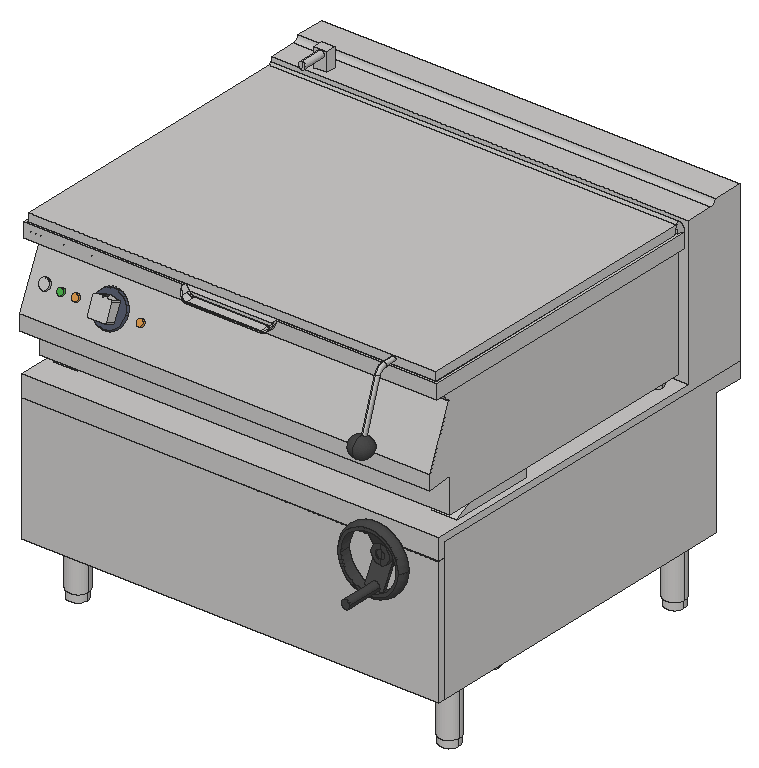
Revit family "QF_ZANUSSI_392140_Z9BRGJDPF0", category Specialty Equipment, Revit 2018
Family settings
  Round Connector Dimension = Use Diameter
  Part Type = Normal
  Work Plane-Based = No
  Always vertical = Yes
  Cut with Voids When Loaded = No
  Shared = No
  Room Calculation Point = No
Parameters
  Width = 1000 mm  # constant formula
  Weight in Pounds = 180  # constant formula
  Weight = 0.00 kg
  Watts = 250 VA  # 250 W
  Volts = 230 V  # constant formula
  URL Manufacturer = "http://www.zanussiprofessional.com"
  URL Cutsheet = "www.electrolux.com"
  URL = "http://www.zanussiprofessional.com"
  Type Mark [instance] = ""
  Steam Supply Size = 0"
  Steam Supply Minimum Pressure = 0.00 psi
  Steam Supply Maximum Pressure = 0.00 psi
  Steam Pounds per Hour = 0
  Status [instance] = ""
  Specification by User [instance] = ""
  Specification by Manufacturer = ""
  Show Logo [instance] = yes
  Show Clearance [instance] = yes
  Serial Number = ""
  Seismic Rating = ""
  SMACNA No = ""
  Revision Code [instance] = ""
  Refrigeration Suction Line Size = 0"
  Refrigeration Liquid Line Size = 0"
  Refrigerant Compressor Remote = yes
  Plumbing Remarks [instance] = ""
  Plumbing Connection Type [instance] = ""
  Phase = 1
  Omniclass Number and Title = ""
  Number of Poles [instance] = 1
  NAFEM Spec ID Number = ""
  Model = "Z9BRGJDPF0"
  Min Ckt Ampacity = 0 A
  Mechanical Remarks [instance] = ""
  Mechanical Connection Type [instance] = ""
  Max Overcurrent Protection = 0 A
  Masterspec = ""
  Manufacturer = "Zanussi"
  Length Actual = 1000 mm  # constant formula
  Item Number [instance] = "392140"
  Installed By [instance] = ""
  Identify Quantity as Lot [instance] = yes
  Hot Water Size = 0"
  Height Actual = 850 mm  # constant formula
  Height = 850 mm  # constant formula
  HP = "0.1 HP"
  Gas Size = 12.7 mm  # 1/2"
  Gas RI Height [instance] = 0 mm
  Gas KW = 27  # constant formula
  Gas Input = 26975.1 VA  # 92043.0 Btu/h
  Gas Connection Height [instance] = 0 mm
  Furnished By [instance] = ""
  Foodservice Equipment Identifier [instance] = yes
  FL Amps = if(Phase = 3, Watts / (Volts * 1.73), Watts / Volts)  # 1.08696 A
  Electrical Remarks [instance] = "230 V/1N ph/50/60 Hz"  # constant formula
  Electric Connection Type [instance] = ""
  Elec Conn RI Height [instance] = 0 mm
  Elec Conn Connection Height [instance] = 0 mm
  Direct Waste Size = 0"
  Description = "100LT GAS BRAISING PAN-DUOMAT BOTTOM"
  Depth Actual = 900 mm  # constant formula
  Depth = 915 mm  # constant formula
  Cycle [instance] = if([60 Hertz Option], 60 Hz, 50 Hz)  # 60 Hz
  Conn Plug = ""
  Conn Conduit = yes
  Condensate Return Size = 0"
  Compressed Air Volume = 0 GPM
  Compressed Air Size = 0"
  Compressed Air Pressure = 0.00 psi
  Cold Water Temperature Recommended [instance] = -459.67 °F
  Cold Water Size = 3/4"
  Cold Water RI Height [instance] = 0 mm
  Cold Water Minimum Pressure = 0.00 psi
  Cold Water Maximum Pressure = 0.00 psi
  Cold Water Flow [instance] = 0 GPM
  Cold Water Consumption = ""
  Cold Water Connection Height = 0 mm
  CSI MasterFormat = ""
  CSI Master Format = ""
  Assembly Code = ""
  Apparent Power = if(Phase = 3, Volts * FL Amps * 1.73, Volts * FL Amps)  # 250 VA
  Accessory = yes
  60 Hertz Option [instance] = not([50 Hertz Option])  # yes
  50 Hertz Option [instance] = no
Reference planes
  plane 1 "BACK": y = 0
  plane 2: z = 0
  plane 3 "LEFT": x = 0
  plane 4 "RIGHT": x = 1000
  plane 5 "FRONT": y = -915
  plane 6 "TOP": z = 898
  plane 7 "Center Y": x = 500
  plane 8 "Center X": y = -457.5
  plane 9 "Base": z = 149
  plane 10: z = 502.193
  plane 11: z = 1653
  plane 12: y = -125
  plane 13: y = -799
  plane 14: y = -1034
  plane 15: x = 55
  plane 16: y = -160.853
  plane 17: x = 945
  plane 18: y = -1014
  plane 19: y = -899.182
  plane 20: x = 986
  plane 21: z = 850
  plane 22 "Connection": z = 182
  plane 23: y = -706
  plane 24: x = 265
  plane 25: x = 105
  plane 26: x = 195
Forms (mm)
  Revolve 1, solid, material "QF_Finishes_Stainless Steel"
    sketch origin (0, -125, 0) x (1, 0, 0) y (0, 0, 1)
      loop
        line (55, 0) -> (55, 149) -> (29.6, 149) -> (29.6, 19.05) -> (32.1, 19.05) -> (32.1, 0) -> (55, 0)
      axis (55, 0) -> (55, 149)
    angle from 0 to 360
  Revolve 2, solid, material "QF_Finishes_Stainless Steel"
    sketch origin (0, -799, 0) x (1, 0, 0) y (0, 0, 1)
      loop
        line (55, 0) -> (55, 149) -> (29.6, 149) -> (29.6, 19.05) -> (32.1, 19.05) -> (32.1, 0) -> (55, 0)
      axis (55, 0) -> (55, 149)
    angle from 0 to 360
  Extrusion 3, solid, material "QF_Finishes_Stainless Steel"
    sketch origin (0, -214.682, 0) x (0, 1, 0) y (0, 0, 1)
      loop
        line (214.682, 487.193) -> (214.682, 866.248) -> (143.055, 866.248)
        arc (143.055, 866.248) -> (139.432, 857.502) -> (130.686, 853.88) r 12.368
        line (130.686, 853.88) -> (64.682, 853.88) -> (64.682, 502.193) -> (-684.5, 502.193) -> (-684.5, 452.193) -> (-669.5, 452.193) -> (-669.5, 487.193) -> (214.682, 487.193)
      loop
        line (-669.5, 149) -> (-669.5, 451.193) -> (-684.5, 451.193) -> (-684.5, 149) -> (-669.5, 149)
    from 0 to 1000
  Extrusion 4, solid, material "QF_Finishes_Stainless Steel"
    sketch origin (0, -214.682, 0) x (0, 1, 0) y (0, 0, 1)
      loop
        line (44.029, 528.406) -> (44.029, 817.127) -> (-678.5, 817.127) -> (-678.5, 809.681) -> (-643.264, 774.446) -> (-700.318, 641.094) -> (-700.318, 606.094) -> (-640.765, 613.406) -> (-640.765, 528.406) -> (44.029, 528.406)
    from 10 to 990
  Sweep 5, solid, material "QF_Finishes_Stainless Steel"
    path origin (0, -204.882, 145) x (-1, 0, 0) y (0, -1, 0)
      loop
        line (-389.998, 694.3) -> (-5, 694.3) -> (-5, -44.029) -> (-995, -44.029) -> (-995, 694.3) -> (-610.002, 694.3)
    profile origin (802.501, -899.182, 145) x (0, -1, 0) y (0, 0, 1)
      loop
        line (-5, 651.359) -> (0, 651.359) -> (0, 685.301) -> (-6, 685.301) -> (-6, 681.062) -> (-5, 681.062) -> (-5, 651.359)
  Extrusion 6, solid, material "QF_Finishes_Stainless Steel"
    sketch origin (0, -214.682, -5) x (0, 1, 0) y (0, 0, 1)
      loop
        line (33.715, 835.301) -> (42.572, 855) -> (-677.138, 855) -> (-677.138, 835.301) -> (33.715, 835.301)
      loop
        arc (64.305, 837.022) -> (57.071, 850.749) -> (45.92, 861.539) r 49.182
        line (45.92, 861.539) -> (39.069, 846.301) -> (45.904, 846.301) -> (45.904, 832.604) -> (64.305, 814.204) -> (64.305, 837.022)
    from 12.363 to 987.637
  Extrusion 7, solid, material "QF_Finishes_Stainless Steel"
    sketch origin (0, -214.682, 0) x (0, 1, 0) y (0, 0, 1)
      loop
        line (-403.818, 528.406) -> (-556.057, 528.406) -> (-609.801, 502.193) -> (-403.818, 502.193) -> (-403.818, 528.406)
    from 16.63 to 76.513
  Extrusion 8, solid, material "QF_Finishes_Stainless Steel"
    sketch origin (0, -207.182, 150) x (-1, 0, 0) y (0, -1, 0)
      loop
        circle (-953.429, -17.496) r 15
      loop
        circle (-46.571, -17.496) r 15
    from 352.193 to 378.406
  Extrusion 9, solid, material "QF_Finishes_Stainless Steel"
    sketch origin (0, -64.682, 0) x (0, 1, 0) y (0, 0, 1)
      loop
        line (-43.387, 853.88) -> (-43.387, 898) -> (-67.444, 898) -> (-67.444, 853.88) -> (-43.387, 853.88)
    from 87.469 to 116.843
  Revolve 10, solid, material "QF_Finishes_Stainless Steel"
    sketch origin (103.25, -64.682, 0) x (0, 1, 0) y (0, 0, 1)
      loop
        line (-67.444, 888.097) -> (-67.444, 896.222) -> (-123.629, 896.222) -> (-123.629, 888.097) -> (-67.444, 888.097)
      axis (-123.629, 888.097) -> (-67.444, 888.097)
    angle from 0 to 360
  Extrusion 11, solid, material "QF_Clearances", visible <- "Show Clearance", detail levels coarse
    sketch origin (0, -214.682, 0) x (1, 0, 0) y (0, 1, 0)
      loop
        line (1000, 214.682) -> (1000, -700.318) -> (1050, -700.318) -> (1050, 264.682) -> (-50, 264.682) -> (-50, -700.318) -> (0, -700.318) -> (0, 214.682) -> (1000, 214.682)
    from 0 to 898
  Extrusion 12, solid, material "QF_Finishes_Stainless Steel"
    sketch origin (1000, 0, 0) x (0, 1, 0) y (0, 0, 1)
      loop
        line (-884.182, 149) -> (-69, 149) -> (-69, 448) -> (0, 448) -> (0, 487.193) -> (-884.182, 487.193) -> (-884.182, 149)
    from 0 to -1000
  Revolve 13, solid, material "QF_Finishes_Stainless Steel"
    sketch origin (1000, -125, 0) x (-1, 0, 0) y (0, 0, -1)
      loop
        line (55, 0) -> (32.1, 0) -> (32.1, -19.05) -> (29.6, -19.05) -> (29.6, -149) -> (55, -149) -> (55, 0)
      axis (55, 0) -> (55, -149)
    angle from 0 to 360
  Revolve 14, solid, material "QF_Finishes_Stainless Steel"
    sketch origin (1000, -799, 0) x (-1, 0, 0) y (0, 0, -1)
      loop
        line (55, 0) -> (32.1, 0) -> (32.1, -19.05) -> (29.6, -19.05) -> (29.6, -149) -> (55, -149) -> (55, 0)
      axis (55, 0) -> (55, -149)
    angle from 0 to 360
  Extrusion 15, solid, material "QF_Finishes_Stainless Steel"
    sketch origin (1000, -69, 149) x (-1, 0, 0) y (0, 1, 0)
      loop
        circle (14, -649.182) r 12.7
    from 0 to 5
  Extrusion 16, solid, material "QF_Finishes_Stainless Steel"
    sketch origin (-3.75, -899.182, 149) x (0, 0, 1) y (-1, 0, 0)
      loop
        circle (289.443, -888.75) r 30
    from 0 to 5
  Extrusion 17, solid, material "QF_Finishes_Stainless Steel"
    sketch origin (0, 0, 182) x (-1, 0, 0) y (0, -1, 0)
      loop
        circle (-105, 706) r 6.35
    from 0 to 45
  Extrusion 18, solid, material "QF_Finishes_Stainless Steel"
    sketch origin (21.213, 21.213, 182) x (-1, 0, 0) y (0, -1, 0)
      loop
        circle (-173.787, 719.213) r 6.35
    from 0 to 45
  Extrusion 19, solid, material "QF_Finishes_Stainless Steel"
    sketch origin (130, 0, 182) x (-1, 0, 0) y (0, -1, 0)
      loop
        circle (-135, 706) r 6.35
    from 0 to 45
  Sweep 20, solid, material "QF_Finishes_Black"
    path origin (10, -200.682, -28.57) x (1, 0, 0) y (0, 0, 1)
      loop
        circle (875, 467.193) r 80
    profile origin (885, -200.682, 518.623) x (0, 0, -1) y (0, -1, 0)
      loop
        arc (7.394, 765.784) -> (0.586, 756.102) -> (1.641, 744.313) r 17.21
        line (1.641, 744.313) -> (7.394, 740.784) -> (14.116, 740.784) -> (14.116, 765.784) -> (7.394, 765.784)
  Extrusion 21, solid, material "QF_Finishes_Black"
    sketch origin (10, -200.682, -28.57) x (1, 0, 0) y (0, 0, 1)
      loop
        circle (875, 406.31) r 10
    from 742.86 to 833.318
  Extrusion 22, solid, material "QF_Finishes_Orange"
    sketch origin (9.372, -901.482, 672.689) x (0, 0.393353, 0.919387) y (-1, 0, 0)
      loop
        circle (34.513, -113.251) r 8
    from 0 to 3.175
  Extrusion 23, solid, material "QF_Finishes_Green"
    sketch origin (14.068, -901.51, 672.624) x (0, 0.393353, 0.919387) y (-1, 0, 0)
      loop
        circle (34.513, -73.251) r 8
    from 0 to 3.175
  Extrusion 24, solid, material "QF_Finishes_Stainless Steel"
    sketch origin (-189.063, -915, 641.094) x (0, 0.393353, 0.919387) y (-1, 0, 0)
      loop
        circle (71.473, -236.635) r 12.7
    from 0 to 3.2
  Extrusion 25, solid, material "QF_Finishes_Orange"
    sketch origin (164.372, -901.482, 672.689) x (0, 0.393353, 0.919387) y (-1, 0, 0)
      loop
        circle (34.513, -113.251) r 8
    from 0 to 3.175
  Extrusion 26, solid, material "QF_Finishes_Stainless Steel"
    sketch origin (50, -201.682, -15.905) x (1, 0, 0) y (0, 0, 1)
      loop
        line (361.528, 822.127) -> (538.476, 822.127)
        arc (538.476, 822.127) -> (548.276, 824.753) -> (555.45, 831.927) r 19.6
        line (555.45, 831.927) -> (559.998, 839.805) -> (559.998, 846.205) -> (552.678, 833.527)
        arc (552.678, 833.527) -> (546.676, 827.524) -> (538.476, 825.327) r 16.4
        line (538.476, 825.327) -> (361.528, 825.327)
        arc (361.528, 825.327) -> (353.322, 827.526) -> (347.314, 833.534) r 16.413
        line (347.314, 833.534) -> (339.998, 846.205) -> (339.998, 839.805) -> (344.543, 831.934)
        arc (344.543, 831.934) -> (351.722, 824.755) -> (361.528, 822.127) r 19.613
    from 697.5 to 717.595
  Extrusion 27, void
    sketch origin (950, 188.397, 1219.2) x (0, -1, 0) y (0, 0, 1)
      loop
        line (1110.167, -415.736) -> (1110.167, -387.945) -> (1093.05, -387.945) -> (1110.167, -415.736)
    from 290.004 to 610
  Extrusion 28, solid, material "QF_Finishes_Stainless Steel"
    sketch origin (1000, -214.682, 0) x (0, 1, 0) y (0, 0, -1)
      loop
        line (-403.818, -528.406) -> (-403.818, -502.193) -> (-609.801, -502.193) -> (-556.057, -528.406) -> (-403.818, -528.406)
    from 16.63 to 76.513
  Sweep 29, solid, material "QF_Finishes_Stainless Steel"
    path origin (208.879, -214.682, -10) x (0, 1, 0) y (0, 0, 1)
      loop
        line (-677.138, 852.831) -> (-705.492, 852.831)
        arc (-705.492, 852.831) -> (-716.963, 849.214) -> (-724.286, 839.672) r 20
        line (-724.286, 839.672) -> (-765.322, 726.924)
    profile origin (208.879, -905.997, 842.831) x (0, 0, -1) y (1, 0, 0)
      loop
        circle (0, 676.16) r 5
  Revolve 30, solid, material "QF_Finishes_Black"
    sketch origin (883.789, -200.682, -28.57) x (0, 1, 0) y (0, 0, 1)
      loop
        line (-698.5, 467.193) -> (-698.5, 477.193) -> (-713.5, 477.193) -> (-713.5, 482.193) -> (-718.5, 482.193) -> (-718.5, 489.514) -> (-728.5, 489.514) -> (-728.5, 478.353) -> (-727.138, 478.353) -> (-727.138, 467.193) -> (-698.5, 467.193)
      axis (-698.5, 467.193) -> (-728.5, 467.193)
    angle from 0 to 360
  Extrusion 31, solid, material "QF_Finishes_Black"
    sketch origin (208.789, -200.682, -28.57) x (0, 1, 0) y (0, 0, 1)
      loop
        line (-713.5, 457.193) -> (-713.5, 477.193) -> (-744.313, 533.065) -> (-751.622, 533.065) -> (-719.104, 474.103) -> (-719.104, 460.284) -> (-751.622, 401.321) -> (-744.313, 401.321) -> (-713.5, 457.193)
    from 654.029 to 698.392
  Revolve 32, solid, material "QF_Finishes_Black"
    sketch origin (884.991, -194.682, 0) x (0, 1, 0) y (0, 0, 1)
      loop
        line (-785.322, 716.924) -> (-792.738, 719.623)
        arc (-792.738, 719.623) -> (-818.978, 701.075) -> (-800.713, 674.638) r 22.845
        line (-800.713, 674.638) -> (-785.322, 716.924)
      axis (-785.322, 716.924) -> (-800.713, 674.638)
    angle from 0 to 360
  Extrusion 33, solid, material "QF_Clearances", visible <- "Show Clearance", detail levels coarse
    sketch origin (200, -996.643, 709.193) x (0, 0.238373, -0.971174) y (0, 0.971174, 0.238373)
      loop
        line (33.715, 835.301) -> (42.572, 855) -> (-677.138, 855) -> (-677.138, 835.301) -> (33.715, 835.301)
      loop
        arc (64.305, 837.022) -> (57.071, 850.749) -> (45.92, 861.539) r 49.182
        line (45.92, 861.539) -> (39.069, 846.301) -> (45.904, 846.301) -> (45.904, 832.604) -> (64.305, 814.204) -> (64.305, 837.022)
    from -187.637 to 787.637
  Sweep 34, solid, material "QF_Clearances", visible <- "Show Clearance", detail levels coarse
    path origin (208.84, -1001.499, 708.002) x (0, 0.238373, -0.971174) y (0, 0.971174, 0.238373)
      loop
        line (-677.138, 852.831) -> (-705.492, 852.831)
        arc (-705.492, 852.831) -> (-716.963, 849.214) -> (-724.286, 839.672) r 20
        line (-724.286, 839.672) -> (-765.322, 726.924)
    profile origin (208.84, -338.043, 1582.68) x (0, -0.971174, -0.238373) y (1, 0, 0)
      loop
        circle (0, 676.16) r 5
  Revolve 35, solid, material "QF_Clearances", visible <- "Show Clearance", detail levels coarse
    sketch origin (885, -987.02, 690.962) x (0, 0.238373, -0.971174) y (0, 0.971174, 0.238373)
      loop
        line (-785.322, 716.924) -> (-792.738, 719.623)
        arc (-792.738, 719.623) -> (-818.978, 701.075) -> (-800.713, 674.638) r 22.845
        line (-800.713, 674.638) -> (-785.322, 716.924)
      axis (-785.322, 716.924) -> (-800.713, 674.638)
    angle from 0 to 360
  Extrusion 36, solid, material "QF_Finishes_Stainless Steel"
    sketch origin (390.002, -899.182, 830.301) x (-1, 0, 0) y (0, 0, -1)
      loop
        line (0.004, 33.941) -> (-220, 33.941) -> (-220, -0.006) -> (-212.677, 12.678)
        arc (-212.677, 12.678) -> (-206.674, 18.681) -> (-198.474, 20.878) r 16.4
        line (-198.474, 20.878) -> (-21.526, 20.878)
        arc (-21.526, 20.878) -> (-13.32, 18.679) -> (-7.312, 12.672) r 16.413
        line (-7.312, 12.672) -> (0.004, 0) -> (0.004, 33.941)
    from 0 to -6
  Extrusion 37, solid, material "QF_Plastic-Black-Matte"
    sketch origin (145.417, -886.473, 707.77) x (0, 0.393353, 0.919387) y (0, 0.919387, -0.393353)
      loop
        line (26.984, -34) -> (23.984, -34) -> (23.984, -35) -> (26.984, -35)
        arc (26.984, -35) -> (27.691, -34.707) -> (27.984, -34) r 1
        line (27.984, -34) -> (27.984, -19) -> (26.984, -19) -> (26.984, -34)
    from -58.5 to -56.5
  Extrusion 38, solid, material "QF_Finishes_Stainless Steel"
    sketch origin (202.917, -886.473, 707.77) x (-1, 0, 0) y (0, -0.393353, -0.919387)
      loop
        line (17.5, -17.5) -> (17.5, 17.5) -> (-17.5, 17.5) -> (-17.5, -17.5) -> (17.5, -17.5)
    from 5 to 10
  Extrusion 39, solid, material "QF_Finishes_Stainless Steel"
    sketch origin (202.917, -886.473, 707.77) x (-1, 0, 0) y (0, -0.393353, -0.919387)
      loop
        arc (-21.147, -22.789) -> (0, -26.984) -> (21.147, -22.789) r 55.4
        arc (21.147, -22.789) -> (22.494, -21.685) -> (23, -20.019) r 2.997
        line (23, -20.019) -> (23, 20.019)
        arc (23, 20.019) -> (22.122, 22.138) -> (20.003, 23.016) r 2.997
        line (20.003, 23.016) -> (-20.003, 23.016)
        arc (-20.003, 23.016) -> (-22.122, 22.138) -> (-23, 20.019) r 2.997
        line (-23, 20.019) -> (-23, -20.019)
        arc (-23, -20.019) -> (-22.494, -21.685) -> (-21.147, -22.789) r 2.997
    from 10 to 34
  Blend 40, solid, material "QF_Finishes_Navy Blue"
    base sketch origin (202.917, -886.473, 707.77) x (1, 0, 0) y (0, 0.393353, 0.919387)
      loop
        circle (0, 0) r 42.5
    top sketch origin (202.917, -886.473, 707.77) x (1, 0, 0) y (0, 0.393353, 0.919387)
      loop
        circle (0, 0) r 40.5
    from 0 to 5
Cuts and joins
  Extrusion 27 cuts Extrusion 26
  joined: Sweep 5, Extrusion 26, Extrusion 36
Lines and regions (mm)
  Split face 1
    outline origin (202.917, -891.07, 709.737) x (1, 0, 0) y (0, 0.393353, 0.919387)
      loop
        arc (-0.521, 36.501) -> (-26.491, 26.394) -> (-37.708, 0.884) r 36.411
        line (-37.708, 0.884) -> (-31.708, 0.884)
        arc (-31.708, 0.884) -> (-21.998, 23.844) -> (-0.521, 36.501) r 39.733
  Split face 2
    outline origin (202.917, -891.07, 709.737) x (1, 0, 0) y (0, 0.393353, 0.919387)
      loop
        circle (-30.633, -14.752) r 1.5
  Split face 3
    outline origin (202.917, -891.07, 709.737) x (1, 0, 0) y (0, 0.393353, 0.919387)
      loop
        circle (-21.199, -26.582) r 1.5
  Split face 4
    outline origin (202.917, -891.07, 709.737) x (1, 0, 0) y (0, 0.393353, 0.919387)
      loop
        circle (-7.566, -33.148) r 1.5
  Split face 5
    outline origin (202.917, -891.07, 709.737) x (1, 0, 0) y (0, 0.393353, 0.919387)
      loop
        circle (7.566, -33.148) r 1.5
  Split face 6
    outline origin (202.917, -891.07, 709.737) x (1, 0, 0) y (0, 0.393353, 0.919387)
      loop
        circle (21.199, -26.582) r 1.5
  Split face 7
    outline origin (202.917, -891.07, 709.737) x (1, 0, 0) y (0, 0.393353, 0.919387)
      loop
        circle (30.633, -14.752) r 1.5
  Split face 8
    outline origin (202.917, -891.07, 709.737) x (1, 0, 0) y (0, 0.393353, 0.919387)
      loop
        circle (34, 0) r 1.5
  Split face 9
    outline origin (202.917, -891.07, 709.737) x (1, 0, 0) y (0, -0.393353, -0.919387)
      loop
        circle (30.633, -14.752) r 1.5
  Split face 10
    outline origin (202.917, -891.07, 709.737) x (1, 0, 0) y (0, -0.393353, -0.919387)
      loop
        circle (21.199, -26.582) r 1.5
  symbolic lines
    curve 1: line (10, -915, 149) -> (180, -915, 149)
    curve 2: line (0, -899.182, 149) -> (380.622, -899.182, 149)
    curve 3: line (5, -160.853, 149) -> (5, -899.182, 149)
    curve 4: line (0, 0, 149) -> (0, -899.182, 149)
    curve 5: line (1000, -899.182, 149) -> (1000, 0, 149)
    curve 6: line (5, -160.853, 149) -> (95.125, -160.853, 149)
    curve 7: line (989, -171.653, 149) -> (111.375, -171.653, 149)
    curve 8: line (0, -71.628, 149) -> (1000, -71.628, 149)
    curve 9: line (111.375, -160.853, 149) -> (995, -160.853, 149)
    curve 10: line (95.125, -172.111, 149) -> (12.363, -172.111, 149)
    curve 11: line (90.942, -172.111, 149) -> (90.942, -192.672, 149)
    curve 12: line (117.192, -171.653, 149) -> (117.192, -192.672, 149)
    curve 13: arc (90.942, -192.672, 149) -> (104.067, -205.797, 149) -> (117.192, -192.672, 149) r 13.125
    curve 14: line (604.543, -915, 149) -> (880, -915, 149)
    curve 15: line (12.363, -891.82, 149) -> (987.637, -891.82, 149)
    curve 16: line (0, 0, 149) -> (1000, 0, 149)
    curve 20: line (880, -980.005, 149) -> (880, -891.82, 149)
    curve 21: line (890, -980.005, 149) -> (890, -891.82, 149)
    curve 22: spline (885, -987.42, 149) -> (886.603, -987.265, 149) -> (888.14, -986.808, 149) -> (889.545, -986.066, 149) -> (890.761, -985.072, 149) -> (891.737, -983.866, 149) -> (892.431, -982.499, 149) -> (892.815, -981.028, 149) -> (892.874, -979.515, 149) -> (892.604, -978.022, 149) -> (892.016, -976.611, 149) -> (891.136, -975.342, 149) -> (890, -974.268, 149)
    curve 23: spline (890, -980.005, 149) -> (889.957, -980.618, 149) -> (889.83, -981.221, 149) -> (889.619, -981.803, 149) -> (889.33, -982.354, 149) -> (888.967, -982.865, 149) -> (888.536, -983.327, 149) -> (888.044, -983.732, 149) -> (887.5, -984.074, 149) -> (886.913, -984.345, 149) -> (886.294, -984.543, 149) -> (885.653, -984.663, 149) -> (885, -984.703, 149)
    curve 24: spline (885, -984.703, 149) -> (884.347, -984.663, 149) -> (883.706, -984.543, 149) -> (883.087, -984.345, 149) -> (882.5, -984.074, 149) -> (881.956, -983.732, 149) -> (881.464, -983.327, 149) -> (881.033, -982.865, 149) -> (880.67, -982.354, 149) -> (880.381, -981.803, 149) -> (880.17, -981.221, 149) -> (880.043, -980.618, 149) -> (880, -980.005, 149)
    curve 25: spline (880, -974.268, 149) -> (878.864, -975.342, 149) -> (877.984, -976.611, 149) -> (877.396, -978.022, 149) -> (877.126, -979.515, 149) -> (877.185, -981.028, 149) -> (877.569, -982.499, 149) -> (878.263, -983.866, 149) -> (879.239, -985.072, 149) -> (880.455, -986.066, 149) -> (881.86, -986.808, 149) -> (883.397, -987.265, 149) -> (885, -987.42, 149)
    curve 26: line (95.125, -188.311, 149) -> (111.375, -188.311, 149)
    curve 27: line (95.125, -132.127, 149) -> (95.125, -188.311, 149)
    curve 28: line (111.375, -188.311, 149) -> (111.375, -132.127, 149)
    curve 29: line (87.469, -132.127, 149) -> (116.843, -132.127, 149)
    curve 30: line (87.469, -108.069, 149) -> (87.469, -132.127, 149)
    curve 31: line (116.843, -108.069, 149) -> (87.469, -108.069, 149)
    curve 32: line (116.843, -132.127, 149) -> (116.843, -108.069, 149)
    curve 33: line (0, -150, 182) -> (95.125, -150, 182)
    curve 34: line (1000, -150, 182) -> (111.375, -150, 182)
    curve 35: line (12.363, -891.82, 149) -> (12.363, -172.111, 149)
    curve 36: line (987.637, -891.82, 149) -> (987.637, -171.653, 149)
    curve 37: line (990, -915, 182) -> (990, -899.182, 182)
    curve 38: line (10, -899.182, 182) -> (10, -915, 182)
    curve 39: line (995, -160.853, 149) -> (995, -899.182, 149)
    curve 40: line (179.887, -915.021, 149) -> (25.774, -915.021, 149)
    curve 41: line (225.917, -915, 149) -> (395.45, -915, 149)
    curve 42: line (619.371, -899.182, 149) -> (880, -899.182, 149)
    curve 43: line (890, -899.182, 149) -> (1000, -899.182, 149)
    curve 44: line (890, -915, 149) -> (990, -915, 149)
    curve 45: line (895, -1034, 182) -> (895, -1012.058, 182)
    curve 46: line (875, -1034, 182) -> (875, -1012.092, 182)
    curve 47: line (875, -1034, 182) -> (895, -1034, 182)
    curve 48: line (957.606, -966.466, 182) -> (901.189, -966.466, 182)
    curve 49: line (812.394, -941.466, 182) -> (880, -941.466, 182)
    curve 50: line (806.641, -944.996, 182) -> (880, -944.996, 182)
    curve 51: arc (963.359, -944.996, 182) -> (964.431, -956.789, 182) -> (957.606, -966.466, 182) r 17.151
    curve 52: line (957.606, -941.466, 182) -> (963.359, -944.996, 182)
    curve 53: line (908.392, -915, 182) -> (908.392, -941.466, 182)
    curve 54: line (864.029, -941.466, 182) -> (864.029, -915, 182)
    curve 55: arc (806.641, -944.996, 182) -> (805.569, -956.789, 182) -> (812.394, -966.466, 182) r 17.151
    curve 56: line (812.394, -941.466, 182) -> (806.641, -944.996, 182)
    curve 57: line (890, -944.996, 182) -> (963.359, -944.996, 182)
    curve 58: line (890, -941.466, 182) -> (957.606, -941.466, 182)
    curve 59: line (812.394, -966.466, 182) -> (868.726, -966.466, 182)
    curve 60: arc (880, -961.394, 182) -> (884.914, -1014.03, 182) -> (890, -961.41, 182) r 26.552
    curve 61: line (619.371, -899.182, 182) -> (605.448, -914.035, 182)
    curve 62: spline (605.442, -914.033, 182) -> (604.902, -914.595, 182) -> (604.301, -915.14, 182) -> (603.641, -915.666, 182) -> (602.924, -916.17, 182) -> (602.153, -916.653, 182) -> (601.331, -917.111, 182) -> (600.459, -917.544, 182) -> (599.542, -917.95, 182) -> (598.582, -918.327, 182) -> (597.581, -918.675, 182) -> (596.544, -918.992, 182) -> (595.475, -919.277, 182)
    curve 63: line (404.523, -919.277, 182) -> (595.475, -919.277, 182)
    curve 64: line (394.541, -914.031, 182) -> (380.622, -899.182, 182)
    curve 65: spline (404.523, -919.277, 182) -> (403.452, -918.992, 182) -> (402.414, -918.675, 182) -> (401.413, -918.327, 182) -> (400.452, -917.949, 182) -> (399.534, -917.543, 182) -> (398.662, -917.11, 182) -> (397.838, -916.651, 182) -> (397.067, -916.168, 182) -> (396.35, -915.663, 182) -> (395.689, -915.137, 182) -> (395.087, -914.592, 182) -> (394.547, -914.029, 182)
    curve 66: line (179.917, -899.196, 0) -> (179.917, -925.453, 0)
    curve 67: arc (179.917, -925.453, 0) -> (180.063, -925.917, 0) -> (180.449, -926.213, 0) r 0.809
    curve 68: arc (180.449, -926.213, 0) -> (181.637, -926.693, 0) -> (182.915, -926.786, 0) r 4.127
    curve 69: arc (179.917, -910.086, 0) -> (180.419, -909.365, 0) -> (181.217, -908.995, 0) r 1.682
    curve 70: arc (181.217, -908.995, 0) -> (191.519, -907.497, 0) -> (201.917, -906.988, 0) r 109.079
    curve 71: line (201.917, -899.182, 0) -> (201.917, -909.218, 0)
    curve 72: line (201.917, -909.218, 0) -> (203.917, -909.218, 0)
    curve 73: line (203.917, -909.218, 0) -> (203.917, -899.218, 0)
    curve 74: line (225.917, -899.182, 0) -> (225.917, -925.453, 0)
    curve 75: arc (225.917, -925.453, 0) -> (225.771, -925.917, 0) -> (225.385, -926.213, 0) r 0.809
    curve 76: arc (225.385, -926.213, 0) -> (224.197, -926.693, 0) -> (222.92, -926.786, 0) r 4.127
    curve 77: arc (225.917, -910.086, 0) -> (225.415, -909.365, 0) -> (224.618, -908.995, 0) r 1.682
    curve 78: arc (224.618, -908.995, 0) -> (214.315, -907.497, 0) -> (203.917, -906.988, 0) r 109.079
    curve 79: line (182.915, -926.786, 0) -> (222.92, -926.786, 0)
    curve 80: spline (225.917, -904.183, 0) -> (227.104, -903.848, 0) -> (228.259, -903.497, 0) -> (229.381, -903.13, 0) -> (230.469, -902.747, 0) -> (231.521, -902.348, 0) -> (232.535, -901.936, 0) -> (233.512, -901.509, 0) -> (234.448, -901.068, 0) -> (235.344, -900.615, 0) -> (236.197, -900.149, 0) -> (237.007, -899.671, 0) -> (237.773, -899.182, 0)
    curve 81: spline (168.061, -899.182, 0) -> (168.827, -899.671, 0) -> (169.637, -900.149, 0) -> (170.491, -900.615, 0) -> (171.386, -901.068, 0) -> (172.323, -901.509, 0) -> (173.299, -901.936, 0) -> (174.314, -902.348, 0) -> (175.366, -902.747, 0) -> (176.453, -903.13, 0) -> (177.576, -903.497, 0) -> (178.731, -903.848, 0) -> (179.917, -904.183, 0)
  symbolic lines, style "QF_Clearances", visible <- "Show Clearance", detail levels coarse
    curve 17: line (-50, 50, 150) -> (-50, -918.182, 150)
    curve 18: line (1050, 50, 150) -> (1050, -915, 150)
    curve 19: line (1050, 50, 150) -> (-50, 50, 150)
Dimensions and locks
  equal spacing: plane 3 "LEFT", plane 7 "Center Y", plane 4 "RIGHT"
  "Width": plane 3 "LEFT" to plane 4 "RIGHT"
  equal spacing: plane 5 "FRONT", plane 8 "Center X", plane 1 "BACK"
  "Depth": plane 5 "FRONT" to plane 1 "BACK"
  "Height": plane 21 to level
  plane 9 "Base" to level = 149 mm
  plane 11 to level = 1653 mm
  plane 11 to plane 2 = 1653 mm
  plane 9 "Base" to plane 2 = 149 mm
  plane 13 to plane 12 = 674 mm
  plane 5 "FRONT" to plane 1 "BACK" = 915 mm
  plane 1 "BACK" to plane 14 = 1034 mm  (x2)
  plane 6 "TOP" to plane 2 = 898 mm
  plane 14 to plane 1 "BACK" = 1034 mm
  plane 4 "RIGHT" to plane 17 to plane 15 to plane 3 "LEFT" = 55 mm, 890 mm, 55 mm
  plane 1 "BACK" to plane 18 = 1014 mm
  Extrusion 12 to plane 1 "BACK" = 69 mm
  Extrusion 6 to plane 9 "Base" = 701 mm
  plane 2 to Extrusion 12 = 448 mm
  Extrusion 3 to plane 13 = 100.182 mm
  plane 12 to Extrusion 12 = 56 mm
  plane 4 "RIGHT" to plane 20 = 14 mm
  plane 21 to plane 9 "Base" to level = 701 mm, 149 mm
  plane 1 "BACK" to Extrusion 12 = 69 mm
  Extrusion 12 to plane 12 = 56 mm
  plane 12 to plane 13 = 674 mm
  plane 13 to Extrusion 3 = 100.182 mm
  Extrusion 12 to level = 448 mm
  plane 6 "TOP" to level = 898 mm
  plane 22 "Connection" to level = 182 mm
  plane 1 "BACK" to plane 23 = 706 mm
  plane 3 "LEFT" to Extrusion 17 sketch curve = 105 mm
  Extrusion 18 sketch curve to plane 1 "BACK" = 698 mm
  plane 3 "LEFT" to Extrusion 18 sketch curve = 195 mm
  Extrusion 18 to plane 1 "BACK" = 698 mm
  plane 3 "LEFT" to Extrusion 19 sketch curve = 265 mm
  plane 3 "LEFT" to plane 25 = 105 mm
  plane 3 "LEFT" to plane 26 = 195 mm
  plane 3 "LEFT" to plane 24 = 265 mm
  Extrusion 3 to Extrusion 15 = 181 mm
  Extrusion 15 to Extrusion 3 = 181 mm
  aligned and locked: level to plane 2
  aligned and locked: Extrusion 12 to plane 3 "LEFT"
Automatic sketch dimensions
  Revolve 1 sketch curve to plane 9 "Base" = 0 mm  (x2)
  Revolve 1 sketch curve to level = 0 mm
  Revolve 1 sketch curve to plane 15 = 0 mm  (x2)
  Revolve 1 sketch curve to Revolve 1 sketch curve = 22.9 mm
  Revolve 1 sketch curve to Revolve 1 sketch curve = 2.5 mm
  level to Revolve 1 sketch curve = 19.05 mm
  Revolve 1 sketch curve to plane 22 "Connection" = 13 mm
  Revolve 2 sketch curve to plane 9 "Base" = 0 mm  (x2)
  Revolve 2 sketch curve to level = 0 mm
  Revolve 2 sketch curve to plane 15 = 0 mm  (x2)
  Revolve 2 sketch curve to Revolve 2 sketch curve = 22.9 mm
  Revolve 2 sketch curve to Revolve 2 sketch curve = 2.5 mm
  level to Revolve 2 sketch curve = 19.05 mm
  Revolve 2 sketch curve to plane 22 "Connection" = 13 mm
  Extrusion 7 sketch curve to plane 10 = 0 mm
  Extrusion 7 sketch curve to plane 13 = 25.484 mm
  plane 13 to Extrusion 7 sketch curve = 28.261 mm
  plane 23 to Extrusion 7 sketch curve = 87.5 mm
  plane 10 to Extrusion 7 sketch curve = 26.213 mm
  Extrusion 8 sketch curve to plane 17 = 8.429 mm
  Extrusion 8 sketch curve to plane 15 = 8.429 mm
  Extrusion 8 sketch curve to plane 12 = 64.686 mm  (x2)
  Extrusion 9 sketch curve to plane 6 "TOP" = 0 mm
  Extrusion 9 sketch curve to plane 12 = 7.127 mm
  plane 12 to Extrusion 9 sketch curve = 16.931 mm
  plane 21 to Extrusion 9 sketch curve = 3.88 mm
  Revolve 10 sketch curve to plane 6 "TOP" = 9.903 mm
  Revolve 10 sketch curve to plane 12 = 63.311 mm
  Revolve 10 sketch curve to plane 12 = 7.127 mm
  Revolve 10 sketch curve to Revolve 10 sketch curve = 0 mm  (x2)
  plane 12 to Revolve 10 sketch curve = 1.394 mm
  Revolve 10 sketch curve to plane 6 "TOP" = 1.778 mm
  Revolve 13 sketch curve to plane 9 "Base" = 0 mm  (x2)
  Revolve 13 sketch curve to level = 0 mm
  plane 17 to Revolve 13 sketch curve = 0 mm  (x2)
  Revolve 13 sketch curve to plane 20 = 18.1 mm
  Revolve 13 sketch curve to Revolve 13 sketch curve = 2.5 mm
  Revolve 13 sketch curve to plane 22 "Connection" = 13 mm
  level to Revolve 13 sketch curve = 19.05 mm
  Revolve 14 sketch curve to plane 9 "Base" = 0 mm  (x2)
  Revolve 14 sketch curve to level = 0 mm
  plane 17 to Revolve 14 sketch curve = 0 mm  (x2)
  Revolve 14 sketch curve to plane 20 = 18.1 mm
  Revolve 14 sketch curve to Revolve 14 sketch curve = 2.5 mm
  Revolve 14 sketch curve to plane 22 "Connection" = 13 mm
  level to Revolve 14 sketch curve = 19.05 mm
  plane 17 to Sweep 20 sketch curve = 60 mm
  Sweep 20 sketch curve to plane 10 = 63.57 mm
  Sweep 20 sketch curve to profile plane = 1.641 mm
  Sweep 20 sketch curve to profile plane = 7.394 mm
  Sweep 20 sketch curve to Sweep 20 sketch curve = 5.753 mm
  Sweep 20 sketch curve to Sweep 20 sketch curve = 6.722 mm
  Sweep 20 sketch curve to Sweep 20 sketch curve = 3.093 mm
  profile plane to Sweep 20 sketch curve = 740.784 mm
  Sweep 20 sketch curve to Sweep 20 sketch curve = 3.53 mm
  Sweep 20 sketch curve to Sweep 20 sketch curve = 10.864 mm
  plane 17 to Extrusion 21 sketch curve = 60 mm
  Extrusion 21 sketch curve to plane 10 = 124.454 mm
  Extrusion 22 sketch curve to plane 25 = 17.623 mm
  plane 25 to Extrusion 23 sketch curve = 17.681 mm
  Extrusion 24 sketch curve to plane 15 = 7.427 mm
  Extrusion 25 sketch curve to plane 24 = 12.623 mm
  plane 10 to Extrusion 28 sketch curve = 0 mm
  Extrusion 28 sketch curve to plane 13 = 25.484 mm
  plane 13 to Extrusion 28 sketch curve = 28.261 mm
  plane 23 to Extrusion 28 sketch curve = 87.5 mm
  plane 10 to Extrusion 28 sketch curve = 26.213 mm
  plane 18 to Revolve 32 sketch curve = 18.604 mm
  Revolve 32 sketch curve to Revolve 32 sketch curve = 0 mm  (x4)
  plane 18 to Revolve 32 sketch curve = 22.834 mm
  Revolve 32 sketch curve to Revolve 32 sketch curve = 3.746 mm
  Revolve 32 sketch curve to Revolve 32 sketch curve = 7.415 mm
  plane 10 to Revolve 32 sketch curve = 172.444 mm
  Revolve 32 sketch curve to Revolve 32 sketch curve = 22.45 mm
  Extrusion 33 sketch curve to plane 11 = 87.075 mm
  plane 8 "Center X" to Extrusion 33 sketch curve = 110.667 mm
  Extrusion 33 sketch curve to Extrusion 33 sketch curve = 694.86 mm
  Extrusion 33 sketch curve to Extrusion 33 sketch curve = 15.993 mm
  Extrusion 33 sketch curve to Extrusion 33 sketch curve = 5.354 mm
  Extrusion 33 sketch curve to Extrusion 33 sketch curve = 3.503 mm
  Extrusion 33 sketch curve to Extrusion 33 sketch curve = 12.189 mm
  Extrusion 33 sketch curve to Extrusion 33 sketch curve = 3.348 mm
  Extrusion 33 sketch curve to Extrusion 33 sketch curve = 18.4 mm  (x2)
  Extrusion 33 sketch curve to Extrusion 33 sketch curve = 2.697 mm
  Extrusion 33 sketch curve to Extrusion 33 sketch curve = 14.057 mm
  Extrusion 33 sketch curve to Extrusion 33 sketch curve = 4.418 mm
  Extrusion 33 sketch curve to Extrusion 33 sketch curve = 11 mm
  Extrusion 33 sketch curve to Extrusion 33 sketch curve = 6.539 mm
  Sweep 34 sketch curve to plane 8 "Center X" = 20.462 mm
  Sweep 34 sketch curve to plane 11 = 28.458 mm
  Sweep 34 sketch curve to Sweep 34 sketch curve = 41.037 mm
  Sweep 34 sketch curve to Sweep 34 sketch curve = 18.794 mm
  Sweep 34 sketch curve to Sweep 34 sketch curve = 28.354 mm
  Sweep 34 sketch curve to Sweep 34 sketch curve = 105.908 mm
  Sweep 34 sketch curve to Sweep 34 sketch curve = 6.84 mm
  Sweep 34 sketch curve to profile plane = 0 mm
  profile plane to Sweep 34 sketch curve = 676.16 mm
  Revolve 35 sketch curve to plane 11 = 23.591 mm
  Revolve 35 sketch curve to plane 8 "Center X" = 65.198 mm
  Revolve 35 sketch curve to Revolve 35 sketch curve = 0 mm  (x4)
  Revolve 35 sketch curve to Revolve 35 sketch curve = 4.229 mm
  Revolve 35 sketch curve to Revolve 35 sketch curve = 3.746 mm
  Revolve 35 sketch curve to Revolve 35 sketch curve = 7.415 mm
  Revolve 35 sketch curve to Revolve 35 sketch curve = 22.45 mm
  Extrusion 36 sketch curve to Extrusion 36 sketch curve = 7.323 mm
  Extrusion 36 sketch curve to Extrusion 36 sketch curve = 14.203 mm
  Extrusion 36 sketch curve to Extrusion 36 sketch curve = 14.214 mm
  Extrusion 36 sketch curve to plane 21 = 19.693 mm
  Extrusion 36 sketch curve to plane 21 = 19.699 mm
  Extrusion 36 sketch curve to Extrusion 36 sketch curve = 4.465 mm
  Extrusion 36 sketch curve to Extrusion 36 sketch curve = 4.485 mm
  Extrusion 36 sketch curve to Extrusion 36 sketch curve = 12.672 mm
  Extrusion 36 sketch curve to Extrusion 36 sketch curve = 21.263 mm
  plane 7 "Center Y" to Extrusion 36 sketch curve = 110.002 mm
  Extrusion 36 sketch curve to plane 7 "Center Y" = 88.472 mm
  Extrusion 36 sketch curve to Extrusion 36 sketch curve = 7.316 mm
  Extrusion 26 sketch curve to Extrusion 26 sketch curve = 0 mm  (x4)
  Extrusion 26 sketch curve to plane 21 = 26.099 mm
  Extrusion 26 sketch curve to plane 7 "Center Y" = 110.002 mm
  Extrusion 26 sketch curve to Extrusion 26 sketch curve = 4.545 mm
  Extrusion 26 sketch curve to plane 21 = 32.371 mm
  Extrusion 26 sketch curve to Extrusion 26 sketch curve = 2.771 mm  (x2)
  Extrusion 26 sketch curve to Extrusion 26 sketch curve = 14.214 mm
  plane 7 "Center Y" to Extrusion 26 sketch curve = 88.476 mm
  Extrusion 26 sketch curve to Extrusion 26 sketch curve = 14.203 mm
  Extrusion 26 sketch curve to plane 21 = 33.978 mm
  Extrusion 26 sketch curve to Extrusion 26 sketch curve = 4.548 mm
  Extrusion 26 sketch curve to Extrusion 26 sketch curve = 8.206 mm
  Extrusion 26 sketch curve to Extrusion 26 sketch curve = 7.878 mm
  Extrusion 26 sketch curve to Extrusion 26 sketch curve = 6.4 mm  (x2)
  Extrusion 26 sketch curve to Extrusion 26 sketch curve = 3.2 mm
  plane 5 "FRONT" to curve 18 = 0 mm
  plane 4 "RIGHT" to curve 18 = 50 mm
  curve 19 to plane 3 "LEFT" = 50 mm
  curve 17 to plane 1 "BACK" = 50 mm
  plane 5 "FRONT" to curve 17 = 3.182 mm
  Extrusion 3 sketch curve to plane 10 = 0 mm
  Extrusion 3 sketch curve to plane 9 "Base" = 0 mm
  Extrusion 3 sketch curve to plane 1 "BACK" = 0 mm
  plane 21 to Extrusion 3 sketch curve = 16.248 mm
  plane 12 to Extrusion 3 sketch curve = 53.372 mm
  Extrusion 3 sketch curve to Extrusion 3 sketch curve = 12.368 mm
  Extrusion 3 sketch curve to plane 12 = 25 mm
  Extrusion 3 sketch curve to plane 5 "FRONT" = 30.818 mm  (x2)
  Extrusion 3 sketch curve to plane 10 = 15 mm
  Extrusion 3 sketch curve to Extrusion 3 sketch curve = 15 mm
  Extrusion 3 sketch curve to plane 5 "FRONT" = 15.818 mm
  Extrusion 3 sketch curve to Extrusion 3 sketch curve = 36 mm
  Extrusion 3 sketch curve to Extrusion 3 sketch curve = 1 mm
  Extrusion 4 sketch curve to plane 5 "FRONT" = 0 mm
  Extrusion 4 sketch curve to plane 5 "FRONT" = 21.818 mm
  Extrusion 4 sketch curve to Extrusion 4 sketch curve = 35.236 mm
  plane 10 to Extrusion 4 sketch curve = 26.213 mm
  Extrusion 4 sketch curve to plane 13 = 56.447 mm
  Extrusion 4 sketch curve to plane 12 = 45.653 mm
  Extrusion 4 sketch curve to Extrusion 4 sketch curve = 77.688 mm
  Extrusion 4 sketch curve to Extrusion 4 sketch curve = 7.312 mm
  Extrusion 4 sketch curve to Extrusion 4 sketch curve = 35 mm
  Extrusion 4 sketch curve to plane 21 = 75.554 mm
  Extrusion 4 sketch curve to plane 21 = 40.319 mm
  Extrusion 4 sketch curve to plane 21 = 32.873 mm
  plane 16 to Sweep 5 sketch curve = 0 mm
  Sweep 5 sketch curve to plane 4 "RIGHT" = 5 mm
  plane 3 "LEFT" to Sweep 5 sketch curve = 5 mm
  Sweep 5 sketch curve to plane 5 "FRONT" = 15.818 mm  (x2)
  plane 7 "Center Y" to Sweep 5 sketch curve = 110.002 mm
  Sweep 5 sketch curve to plane 7 "Center Y" = 110.002 mm
  Sweep 5 sketch curve to profile plane = 0 mm
  profile plane to Sweep 5 sketch curve = 5 mm
  Sweep 5 sketch curve to Sweep 5 sketch curve = 1 mm
  profile plane to Sweep 5 sketch curve = 651.359 mm
  Sweep 5 sketch curve to Sweep 5 sketch curve = 29.703 mm
  Sweep 5 sketch curve to Sweep 5 sketch curve = 4.238 mm
  Extrusion 6 sketch curve to plane 21 = 0 mm
  Extrusion 6 sketch curve to plane 5 "FRONT" = 23.18 mm
  Extrusion 6 sketch curve to plane 21 = 33.757 mm
  Extrusion 6 sketch curve to plane 12 = 71.96 mm
  Extrusion 6 sketch curve to plane 21 = 19.699 mm
  Extrusion 6 sketch curve to Extrusion 6 sketch curve = 15.993 mm
  Extrusion 6 sketch curve to plane 21 = 8.699 mm
  Extrusion 6 sketch curve to Extrusion 6 sketch curve = 5.354 mm
  Extrusion 6 sketch curve to Extrusion 6 sketch curve = 3.503 mm
  Extrusion 6 sketch curve to Extrusion 6 sketch curve = 12.189 mm
  plane 21 to Extrusion 6 sketch curve = 6.539 mm
  Extrusion 6 sketch curve to Extrusion 6 sketch curve = 3.348 mm
  Extrusion 6 sketch curve to plane 21 = 17.978 mm
  Extrusion 6 sketch curve to Extrusion 6 sketch curve = 22.819 mm
  Extrusion 6 sketch curve to Extrusion 6 sketch curve = 2.697 mm
  plane 5 "FRONT" to Extrusion 11 sketch curve = 0 mm  (x2)
  Extrusion 11 sketch curve to plane 3 "LEFT" = 0 mm
  plane 1 "BACK" to Extrusion 11 sketch curve = 0 mm
  Extrusion 11 sketch curve to plane 4 "RIGHT" = 0 mm
  Extrusion 11 sketch curve to plane 3 "LEFT" = 50 mm
  plane 4 "RIGHT" to Extrusion 11 sketch curve = 50 mm
  Extrusion 11 sketch curve to plane 1 "BACK" = 50 mm
  Extrusion 12 sketch curve to plane 9 "Base" = 0 mm
  Extrusion 12 sketch curve to plane 1 "BACK" = 0 mm
  plane 12 to Extrusion 12 sketch curve = 56 mm
  Extrusion 12 sketch curve to plane 5 "FRONT" = 30.818 mm
  Extrusion 12 sketch curve to plane 10 = 54.193 mm
  Extrusion 12 sketch curve to plane 10 = 15 mm
  Extrusion 15 sketch curve to Extrusion 12 = 14 mm
  Extrusion 15 sketch curve to Extrusion 12 = 166 mm
  Extrusion 16 sketch curve to Extrusion 3 = 12.75 mm
  Extrusion 3 to Extrusion 16 sketch curve = 115 mm
  Extrusion 17 sketch curve to plane 23 = 0 mm
  Extrusion 19 sketch curve to plane 23 = 0 mm
  curve 34 to plane 4 "RIGHT" = 0 mm
  plane 5 "FRONT" to curve 37 = 0 mm
  plane 5 "FRONT" to curve 53 = 0 mm
  curve 45 to plane 14 = 0 mm
  plane 5 "FRONT" to curve 54 = 0 mm
  plane 5 "FRONT" to curve 38 = 0 mm
  curve 33 to plane 3 "LEFT" = 0 mm
  curve 57 to plane 17 = 18.359 mm
  curve 51 to curve 52 = 5.753 mm
  curve 48 to plane 17 = 12.606 mm
  curve 51 to plane 17 = 2.864 mm
  plane 17 to curve 45 = 50 mm
  curve 45 to curve 60 = 10.043 mm
  curve 45 to curve 47 = 20 mm
  curve 60 to curve 55 = 62.822 mm
  curve 55 to curve 59 = 9.742 mm
  plane 5 "FRONT" to curve 56 = 26.466 mm
  curve 55 to curve 56 = 9.742 mm
  plane 5 "FRONT" to curve 56 = 29.996 mm
  curve 49 to curve 56 = 5.753 mm
  plane 5 "FRONT" to curve 63 = 4.277 mm
  plane 7 "Center Y" to curve 63 = 95.475 mm
  curve 63 to plane 7 "Center Y" = 95.477 mm
  plane 5 "FRONT" to curve 58 = 26.466 mm
  curve 52 to curve 52 = 3.53 mm
  curve 52 to curve 51 = 10.884 mm
  curve 49 to curve 55 = 10.884 mm
  plane 18 to curve 60 = 26.522 mm
  plane 20 to curve 37 = 4 mm
  plane 17 to curve 53 = 36.608 mm
  curve 53 to curve 48 = 7.203 mm
  curve 53 to curve 58 = 18.392 mm
  curve 48 to curve 60 = 11.189 mm
  curve 57 to curve 58 = 0 mm
  curve 57 to curve 50 = 10 mm
  curve 49 to curve 50 = 0 mm
  curve 60 to curve 60 = 10 mm
  curve 49 to curve 54 = 15.971 mm
  curve 61 to plane 5 "FRONT" = 15.818 mm
  curve 61 to curve 63 = 23.896 mm
  curve 62 to curve 63 = 11.938 mm
  curve 61 to plane 5 "FRONT" = 0.965 mm
  curve 62 to curve 61 = 1.965 mm
  curve 61 to curve 62 = 0.006 mm
  curve 62 to plane 5 "FRONT" = 5.606 mm
  curve 63 to curve 62 = 8.908 mm
  curve 65 to plane 5 "FRONT" = 5.613 mm
  curve 65 to curve 63 = 8.911 mm
  curve 65 to plane 5 "FRONT" = 0.971 mm
  curve 65 to curve 65 = 9.976 mm
  curve 64 to plane 5 "FRONT" = 0.969 mm
  curve 65 to curve 64 = 0.006 mm
  curve 64 to plane 5 "FRONT" = 15.818 mm
  curve 65 to curve 64 = 11.953 mm
  curve 34 to plane 25 = 6.375 mm
  plane 25 to curve 33 = 9.875 mm
  plane 3 "LEFT" to curve 38 = 10 mm
  curve 37 to plane 5 "FRONT" = 15.818 mm
  curve 38 to plane 5 "FRONT" = 15.818 mm
  curve 33 to plane 12 = 25 mm
  curve 33 to curve 34 = 0 mm
  Extrusion 27 sketch curve to plane 5 "FRONT" = 10.347 mm
  plane 5 "FRONT" to Extrusion 27 sketch curve = 6.769 mm
  Extrusion 27 sketch curve to plane 21 = 46.536 mm
  Extrusion 27 sketch curve to plane 21 = 18.745 mm
  plane 5 "FRONT" to Sweep 29 sketch curve = 23.968 mm
  plane 5 "FRONT" to Sweep 29 sketch curve = 5.174 mm
  Sweep 29 sketch curve to plane 21 = 27.169 mm
  Sweep 29 sketch curve to Sweep 29 sketch curve = 6.84 mm
  plane 18 to Sweep 29 sketch curve = 33.995 mm
  Sweep 29 sketch curve to plane 5 "FRONT" = 23.18 mm
  Sweep 29 sketch curve to Sweep 29 sketch curve = 112.748 mm
  Sweep 29 sketch curve to profile plane = 0 mm
  profile plane to Sweep 29 sketch curve = 676.16 mm
  plane 5 "FRONT" to Revolve 30 sketch curve = 14.182 mm
  Revolve 30 sketch curve to Revolve 30 sketch curve = 1.362 mm  (x2)
  plane 5 "FRONT" to Revolve 30 sketch curve = 4.182 mm
  Revolve 30 sketch curve to plane 5 "FRONT" = 0.818 mm
  Revolve 30 sketch curve to Revolve 30 sketch curve = 15 mm
  Revolve 30 sketch curve to plane 10 = 63.57 mm
  Revolve 30 sketch curve to Revolve 30 sketch curve = 10 mm
  Revolve 30 sketch curve to Revolve 30 sketch curve = 11.16 mm
  Revolve 30 sketch curve to Revolve 30 sketch curve = 5 mm
  Revolve 30 sketch curve to Revolve 30 sketch curve = 7.32 mm
  Revolve 30 sketch curve to Revolve 30 sketch curve = 16.362 mm
  Revolve 30 sketch curve to Revolve 30 sketch curve = 0 mm
  plane 10 to Extrusion 31 sketch curve = 2.302 mm
  plane 5 "FRONT" to Extrusion 31 sketch curve = 37.304 mm  (x2)
  Extrusion 31 sketch curve to Extrusion 31 sketch curve = 7.309 mm  (x2)
  plane 5 "FRONT" to Extrusion 31 sketch curve = 4.786 mm
  Extrusion 31 sketch curve to plane 5 "FRONT" = 0.818 mm
  Extrusion 31 sketch curve to plane 10 = 53.57 mm
  Extrusion 31 sketch curve to Extrusion 31 sketch curve = 3.091 mm  (x2)
  Extrusion 31 sketch curve to Extrusion 31 sketch curve = 13.819 mm
  Extrusion 31 sketch curve to Extrusion 31 sketch curve = 58.963 mm
  Split face 1 sketch curve to Split face 1 sketch curve = 6 mm
  Split face 1 sketch curve to Split face 1 sketch curve = 30.402 mm
  Split face 1 sketch curve to Split face 1 sketch curve = 9.201 mm
  Split face 1 sketch curve to Split face 1 sketch curve = 2.43 mm
  Split face 1 sketch curve to Split face 1 sketch curve = 0.785 mm
  Extrusion 37 sketch curve to plane 5 "FRONT" = 5.782 mm
  Extrusion 37 sketch curve to plane 21 = 106.412 mm
  Extrusion 37 sketch curve to Extrusion 37 sketch curve = 3 mm
  Extrusion 37 sketch curve to Extrusion 37 sketch curve = 0 mm
  Extrusion 37 sketch curve to Extrusion 37 sketch curve = 1 mm  (x2)
  Extrusion 37 sketch curve to Extrusion 37 sketch curve = 15 mm
  Extrusion 38 sketch curve to plane 26 = 25.417 mm
  plane 26 to Extrusion 38 sketch curve = 9.583 mm
  Extrusion 38 sketch curve to Extrusion 38 sketch curve = 35 mm
  Extrusion 39 sketch curve to plane 26 = 30.917 mm
  Extrusion 39 sketch curve to Extrusion 39 sketch curve = 2.997 mm  (x3)
  Extrusion 39 sketch curve to plane 26 = 7.917 mm
  plane 26 to Extrusion 39 sketch curve = 12.085 mm  (x2)
  Extrusion 39 sketch curve to Extrusion 39 sketch curve = 0 mm  (x2)
  Extrusion 39 sketch curve to Extrusion 39 sketch curve = 40.037 mm
  Extrusion 39 sketch curve to Extrusion 39 sketch curve = 5.399 mm
  Blend 40 sketch curve to plane 26 = 7.917 mm  (x2)
  plane 26 to curve 66 = 15.083 mm
  curve 67 to curve 67 = 0.809 mm
  curve 69 to curve 69 = 1.583 mm
  curve 67 to curve 68 = 1.846 mm
  curve 67 to curve 79 = 2.189 mm
  curve 69 to curve 72 = 20.417 mm
  plane 24 to curve 70 = 62.952 mm
  curve 70 to curve 78 = 1.738 mm
  curve 71 to curve 73 = 2 mm
  plane 24 to curve 79 = 42.08 mm
  curve 79 to curve 76 = 0.343 mm
  plane 24 to curve 77 = 40.666 mm
  curve 76 to curve 75 = 2.189 mm
  curve 75 to curve 74 = 0.809 mm
  plane 14 to curve 70 = 17.934 mm
  curve 70 to curve 78 = 0 mm
  curve 68 to curve 66 = 1.333 mm
  curve 76 to curve 75 = 1.333 mm
  curve 75 to curve 76 = 2.779 mm
  curve 67 to curve 68 = 2.779 mm
  curve 68 to curve 69 = 12.021 mm
  curve 76 to curve 77 = 12.021 mm
  curve 69 to curve 72 = 1.435 mm
  plane 26 to curve 81 = 26.939 mm
  plane 26 to curve 81 = 32.583 mm
  curve 80 to curve 81 = 0 mm
  curve 70 to curve 69 = 0.284 mm
  curve 71 to curve 80 = 1 mm
  curve 81 to curve 80 = 0 mm
  curve 77 to curve 77 = 0.284 mm
  plane 24 to curve 80 = 27.227 mm
  curve 77 to curve 77 = 0.567 mm
  curve 69 to curve 69 = 0.567 mm
  curve 69 to curve 81 = 4.813 mm
  curve 78 to curve 80 = 4.813 mm
  curve 78 to curve 73 = 7.77 mm
  curve 81 to curve 66 = 4.987 mm
  curve 80 to curve 74 = 5.001 mm
  curve 74 to curve 80 = 0 mm
  curve 81 to curve 80 = 8.112 mm
  curve 73 to curve 71 = 0.035 mm
  plane 5 "FRONT" to curve 79 = 11.786 mm
  curve 8 to plane 4 "RIGHT" = 0 mm
  plane 5 "FRONT" to curve 44 = 0 mm
  plane 5 "FRONT" to curve 14 = 0 mm
  plane 5 "FRONT" to curve 41 = 0 mm
  plane 5 "FRONT" to curve 1 = 0 mm
  curve 4 to plane 3 "LEFT" = 0 mm
  plane 1 "BACK" to curve 4 = 0 mm
  curve 9 to plane 4 "RIGHT" = 5 mm
  plane 20 to curve 15 = 1.637 mm
  plane 17 to curve 21 = 55 mm
  curve 21 to curve 20 = 10 mm
  curve 12 to plane 25 = 12.192 mm
  curve 31 to plane 25 = 11.843 mm
  curve 26 to plane 25 = 6.375 mm
  plane 25 to curve 13 = 0.933 mm
  curve 26 to curve 11 = 4.184 mm
  curve 27 to curve 29 = 7.657 mm
  plane 3 "LEFT" to curve 35 = 12.363 mm
  plane 3 "LEFT" to curve 6 = 5 mm
  plane 12 to curve 32 = 16.931 mm
  curve 29 to plane 12 = 7.127 mm
  curve 9 to plane 12 = 35.853 mm
  curve 3 to plane 12 = 35.853 mm
  curve 3 to curve 35 = 11.257 mm
  curve 10 to curve 28 = 16.201 mm
  curve 26 to curve 11 = 4.36 mm
  curve 15 to plane 5 "FRONT" = 23.18 mm
  curve 15 to curve 5 = 7.363 mm
  curve 15 to curve 4 = 7.363 mm
  plane 18 to curve 20 = 33.995 mm
  curve 21 to curve 24 = 0 mm
  plane 20 to curve 44 = 4 mm
  curve 7 to curve 36 = 1.363 mm
  curve 25 to curve 23 = 2.891 mm
  curve 22 to curve 25 = 0 mm
  curve 24 to curve 21 = 0 mm
  curve 22 to curve 23 = 0 mm
  curve 42 to plane 5 "FRONT" = 15.818 mm
  plane 7 "Center Y" to curve 42 = 119.371 mm
  curve 42 to curve 14 = 14.828 mm
  curve 41 to plane 7 "Center Y" = 104.55 mm
  curve 41 to curve 2 = 14.828 mm
  curve 41 to plane 26 = 30.917 mm
  plane 26 to curve 1 = 15 mm
  plane 5 "FRONT" to curve 40 = 0.021 mm
  curve 1 to curve 40 = 0.113 mm
  plane 3 "LEFT" to curve 40 = 25.774 mm
  plane 3 "LEFT" to curve 1 = 10 mm
  plane 12 to curve 8 = 53.372 mm
  curve 9 to curve 7 = 10.8 mm
  curve 25 to curve 20 = 5.737 mm
  curve 22 to curve 21 = 5.737 mm
  curve 25 to curve 23 = 0 mm
  curve 23 to curve 25 = 2.717 mm
  radius of Extrusion 8 sketch curve = 15 mm  (x2)
  radius of Sweep 20 sketch curve = 80 mm
  radius of Extrusion 21 sketch curve = 10 mm
  radius of Extrusion 22 sketch curve = 8 mm
  radius of Extrusion 23 sketch curve = 8 mm
  radius of Extrusion 24 sketch curve = 12.7 mm
  radius of Extrusion 25 sketch curve = 8 mm
  radius of Sweep 34 sketch curve = 5 mm
  radius of Extrusion 15 sketch curve = 12.7 mm
  radius of Extrusion 16 sketch curve = 30 mm
  radius of Extrusion 17 sketch curve = 6.35 mm
  radius of Extrusion 18 sketch curve = 6.35 mm
  radius of Extrusion 19 sketch curve = 6.35 mm
  radius of Sweep 29 sketch curve = 5 mm
  radius of Split face 2 sketch curve = 1.5 mm
  radius of Split face 3 sketch curve = 1.5 mm
  radius of Split face 4 sketch curve = 1.5 mm
  radius of Split face 5 sketch curve = 1.5 mm
  radius of Split face 6 sketch curve = 1.5 mm
  radius of Split face 7 sketch curve = 1.5 mm
  radius of Split face 8 sketch curve = 1.5 mm
  radius of Split face 9 sketch curve = 1.5 mm
  radius of Split face 10 sketch curve = 1.5 mm
  radius of Blend 40 sketch curve = 42.5 mm
  radius of Blend 40 sketch curve = 40.5 mm
Connectors
  piping at (105, -706, 182), diameter 12.8
    settings: on Extrusion 17, index 1, connector inside diameter 0.50394", connector length 0 mm, flow factor 0, pipe flow 0 GPM, pressure drop 0.00 psi, fitting loss kfactor 0, connector angle 0.00°, fixture units 0, engagement length 0 mm, angle of deflection 0.00°, flow configuration 1, flow direction 1, fitting loss method 0, system type 7, joint type 0, gender type 0, connector reference index -1, connector utility 0, adjustable connector no, is connector primary yes, connector description "GAS CONNECTION"
  piping at (195, -698, 182), diameter 19
    settings: on Extrusion 18, index 2, connector inside diameter 0.74803", connector length 0 mm, flow factor 0, pipe flow 0 GPM, pressure drop 0.00 psi, fitting loss kfactor 0, connector angle 0.00°, fixture units 0, engagement length 0 mm, angle of deflection 0.00°, flow configuration 1, flow direction 1, fitting loss method 0, system type 20, joint type 0, gender type 0, connector reference index -1, connector utility 0, adjustable connector no, is connector primary no, connector description "COLD WATER INLET"
  electrical at (265, -706, 182), driven by "Volts", driven by "Watts"
    settings: on Extrusion 19, index 3, voltage 230 V, apparent load 250 VA, apparent load phase1 0 VA, apparent load phase2 0 VA, apparent load phase3 0 VA, power factor 1, load classification "Other", number of poles 1, system type 30, power factor state 1, is connector primary yes, connector utility no, sub classification motor no, connector description "ELECTRICAL CONNECTION"
